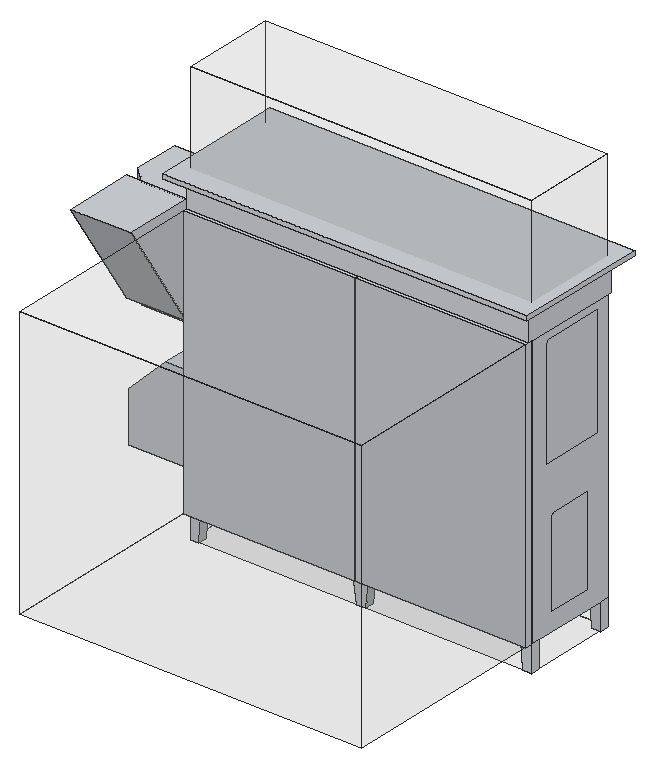
Revit family "AHU 3 _6", category Mechanické zařízení, Revit 2018
Family settings
  Kóta kulaté spojky = Použít průměr
  Typ dílu = Normální
  Číslo OmniClass = 23.75.00.00
  Nadpis OmniClass = Climate Control (HVAC)
  Založené na pracovní rovině = Ne
  Vždy vertikální = Ano
  Ořezat dutým tvarem při načtení = Ne
  Sdílené = Ne
  Bod výpočtu místnosti = Ne
Parameters (values of type "DUPLEXVENT Flexi (3G) DV2300 (RD5)")
  Width [instance] = 0.585 mm
  Weight [instance] = 342.00 kg
  URL = ""
  Type [instance] = "DUPLEXVENT Flexi (3G) DV2300 (RD5)"
  Total_SFP [instance] = 0
  Supply_outlet_hum [instance] = 24.9
  Supply_inlet_hum [instance] = 90
  Supply_ext_pressure [instance] = 200.0 Pa
  Supply_SFP [instance] = 0
  Source_adu_file [instance] = "C:\\\\Users\\\\dgavril\\\\OneDrive - Airflow Developments Ltd\\\\Desktop\\\\adu durley chine V4.adu"
  Recuperation_type [instance] = "Plate heat recovery exchanger"
  Recuperation_efficiency_EN308 [instance] = 82.9
  Project_name [instance] = "Durley Chine Passivhaus"
  Project_date [instance] = "13-08-2021"
  Power_supply_fusing [instance] = "0"
  Power_supply_cable [instance] = "0"
  Position [instance] = "AHU 3 "
  Phases_count [instance] = 1
  Panel_thickness [instance] = 0.06 mm
  Outer_surface [instance] = "RAL 9002"
  Length [instance] = 1.95 mm
  Insulation_type [instance] = "PUR"
  Insulation_thickness [instance] = 0.05 mm
  Installation_environment [instance] = ""
  Input_power_max [instance] = 1660 W
  Inner_surface [instance] = "Pozink"
  I2 [instance] = I1  # 0.0 L/s
  Height [instance] = 1.55 mm
  Exhaust_outlet_hum [instance] = 96.1
  Exhaust_inlet_hum [instance] = 40
  Exhaust_ext_pressure [instance] = 200.0 Pa
  Exhaust_SFP [instance] = 0
  E1 [instance] = E2 - M1  # 0.0 L/s
  E2 [instance] = 0.0 L/s
  I1 [instance] = 0.0 L/s
  Description = ""
  M1 [instance] = 0.0 L/s
  Device_dutypoint_version [instance] = "22"
  Device_design_version [instance] = "70"
  Device_adu_id [instance] = "6"
  Current_max [instance] = 8 A
  Casing_mat [instance] = "painted zinc layer"
  Cable type [instance] = "CYKY 3Jx2,5"
Reference planes
  plane 1 "Střed (vpředu/vzadu)": y = 0
  plane 2 "ref": z = 0
  plane 3 "Střed (vlevo/vpravo)": x = 0
Forms (mm)
  Sweep 1, solid
    path origin (0, 0, 0) x (0, 0, 1) y (1, 0, 0)
      loop
        line (0, 0) -> (1550, 0)
    profile origin (0, 0, 0) x (1, 0, 0) y (0, 1, 0)
      loop
        line (0, 0) -> (1950, 0) -> (1950, 540) -> (0, 540) -> (0, 0)
  Sweep 2, solid
    path origin (0, 0, 0) x (0, 0, 1) y (1, 0, 0)
      loop
        line (0, 0) -> (1550, 0)
    profile origin (0, 0, 0) x (1, 0, 0) y (0, 1, 0)
      loop
        line (0, 0) -> (0, -45) -> (1950, -45) -> (1950, 0) -> (0, 0)
  Sweep 3, solid
    path origin (-233, 395, 355) x (1, 0, 0) y (0, 1, 0)
      loop
        line (0, 0) -> (0, -250)
    profile origin (-233, 395, 355) x (1, 0, 0) y (0, 0, 1)
      loop
        line (233, 250) -> (-23, 250) -> (-233, 41) -> (-233, -250) -> (233, -250) -> (233, 250)
  Sweep 4, solid
    path origin (0, 0, 105) x (0, 0, 1) y (1, 0, 0)
      loop
        line (0, 0) -> (500, 0)
    profile origin (0, 0, 105) x (1, 0, 0) y (0, 1, 0)
      loop
        line (-1, 145) -> (0, 145) -> (0, 395) -> (-1, 395) -> (-1, 145)
  Sweep 5, solid
    path origin (1949, 287, 1190) x (1, 0, 0) y (0, 1, 0)
      loop
        line (0, 0) -> (1, 0)
    profile origin (1949, 287, 1190) x (0, 1, 0) y (0, 0, 1)
      loop
        line (-177, 315) -> (-177, -315) -> (177, -315) -> (177, 315) -> (-177, 315)
  Sweep 6, solid
    path origin (1949, 270, 355) x (1, 0, 0) y (0, 1, 0)
      loop
        line (0, 0) -> (1, 0)
    profile origin (1949, 270, 355) x (0, 1, 0) y (0, 0, 1)
      loop
        line (-125, 250) -> (-125, -250) -> (125, -250) -> (125, 250) -> (-125, 250)
  Sweep 7, solid
    path origin (-228, 287, 875) x (0, 0, 1) y (1, 0, 0)
      loop
        line (0, 0) -> (630, 0)
    profile origin (-228, 287, 875) x (1, 0, 0) y (0, 1, 0)
      loop
        line (228, 177) -> (114, 177) -> (114, 172) -> (-228, 172) -> (-228, -89) -> (-139, -177) -> (228, -177) -> (228, 177)
  Sweep 8, solid
    path origin (-114, 287, 1190) x (0, 1, 0) y (-1, 0, 0)
      loop
        line (0, 0) -> (0, 341)
    profile origin (-114, 287, 1190) x (0, -1, 0) y (0, 0, 1)
      loop
        line (172, -315) -> (573, 315) -> (172, 315) -> (172, -315)
  Sweep 9, solid
    path origin (0, 0, 875) x (0, 0, 1) y (1, 0, 0)
      loop
        line (0, 0) -> (630, 0)
    profile origin (0, 0, 875) x (1, 0, 0) y (0, 1, 0)
      loop
        line (-1, 110) -> (0, 110) -> (0, 465) -> (-1, 465) -> (-1, 110)
  Sweep 10, solid
    path origin (0, 0, 1725) x (0, 0, 1) y (1, 0, 0)
      loop
        line (0, 0) -> (25, 0)
    profile origin (0, 0, 1725) x (1, 0, 0) y (0, 1, 0)
      loop
        line (-65, -113) -> (2015, -113) -> (2015, 652) -> (-65, 652) -> (-65, -113)
  Sweep 11, solid
    path origin (0, 0, 1550) x (0, 0, 1) y (1, 0, 0)
      loop
        line (0, 0) -> (175, 0)
    profile origin (0, 0, 1550) x (1, 0, 0) y (0, 1, 0)
      loop
        line (0, -22) -> (1950, -22) -> (1950, 563) -> (0, 563) -> (0, -22)
  Sweep 12, solid
    path origin (750, 120, 0) x (0, -1, 0) y (0, 0, 1)
      loop
        line (0, 0) -> (0, -30)
    profile origin (750, 120, 0) x (-1, 0, 0) y (0, -1, 0)
      loop
        circle (0, 0) r 16
  Sweep 13, solid, material "Servisní prostor"
    path origin (0, 0, 0) x (0, 0, 1) y (1, 0, 0)
      loop
        line (0, 0) -> (1550, 0)
    profile origin (0, 0, 0) x (1, 0, 0) y (0, 1, 0)
      loop
        line (0, -1215) -> (1950, -1215) -> (1950, -45) -> (0, -45) -> (0, -1215)
  Sweep 14, solid, material "Servisní prostor"
    path origin (0, 0, 1550) x (0, 0, 1) y (1, 0, 0)
      loop
        line (0, 0) -> (720, 0)
    profile origin (0, 0, 1550) x (1, 0, 0) y (0, 1, 0)
      loop
        line (0, 0) -> (1950, 0) -> (1950, 540) -> (0, 540) -> (0, 0)
  Sweep 15, solid, material "Servisní prostor"
    path origin (0, 0, -150) x (0, 0, 1) y (1, 0, 0)
      loop
        line (0, 0) -> (150, 0)
    profile origin (0, 0, -150) x (1, 0, 0) y (0, 1, 0)
      loop
        line (0, 540) -> (0, 0) -> (1950, 0) -> (1950, 540) -> (0, 540)
  Sweep 16, solid
    path origin (0, 0, 0) x (0, 0, 1) y (1, 0, 0)
      loop
        line (0, 0) -> (1550, 0)
    profile origin (0, 0, 0) x (1, 0, 0) y (0, 1, 0)
      loop
        line (0, -45) -> (975, -45) -> (975, -5) -> (0, -5) -> (0, -45)
  Sweep 17, solid
    path origin (0, 0, 0) x (0, 0, 1) y (1, 0, 0)
      loop
        line (0, 0) -> (1550, 0)
    profile origin (0, 0, 0) x (1, 0, 0) y (0, 1, 0)
      loop
        line (975, -45) -> (1950, -45) -> (1950, -5) -> (975, -5) -> (975, -45)
  Sweep 18, solid
    path origin (25, 50, 0) x (1, 0, 0) y (0, 1, 0)
      loop
        line (0, 0) -> (0, -50)
    profile origin (25, 50, 0) x (1, 0, 0) y (0, 0, 1)
      loop
        line (-25, 0) -> (-25, -150) -> (25, -150) -> (35, 0) -> (-25, 0)
  Sweep 19, solid
    path origin (1925, 50, 0) x (1, 0, 0) y (0, 1, 0)
      loop
        line (0, 0) -> (0, -50)
    profile origin (1925, 50, 0) x (1, 0, 0) y (0, 0, 1)
      loop
        line (-35, 0) -> (-25, -150) -> (25, -150) -> (25, 0) -> (-35, 0)
  Sweep 20, solid
    path origin (25, 540, 0) x (1, 0, 0) y (0, 1, 0)
      loop
        line (0, 0) -> (0, -50)
    profile origin (25, 540, 0) x (1, 0, 0) y (0, 0, 1)
      loop
        line (-25, 0) -> (-25, -150) -> (25, -150) -> (35, 0) -> (-25, 0)
  Sweep 21, solid
    path origin (1925, 540, 0) x (1, 0, 0) y (0, 1, 0)
      loop
        line (0, 0) -> (0, -50)
    profile origin (1925, 540, 0) x (1, 0, 0) y (0, 0, 1)
      loop
        line (-35, 0) -> (-25, -150) -> (25, -150) -> (25, 0) -> (-35, 0)
  Sweep 22, solid
    path origin (975, 50, 0) x (1, 0, 0) y (0, 1, 0)
      loop
        line (0, 0) -> (0, -50)
    profile origin (975, 50, 0) x (1, 0, 0) y (0, 0, 1)
      loop
        line (-45, 0) -> (-25, -150) -> (25, -150) -> (45, 0) -> (-45, 0)
  Sweep 23, solid
    path origin (975, 540, 0) x (1, 0, 0) y (0, 1, 0)
      loop
        line (0, 0) -> (0, -50)
    profile origin (975, 540, 0) x (1, 0, 0) y (0, 0, 1)
      loop
        line (-45, 0) -> (-25, -150) -> (25, -150) -> (45, 0) -> (-45, 0)
  Sweep 24, solid
    path origin (0, 0, 1550) x (0, 0, 1) y (1, 0, 0)
      loop
        line (0, 0) -> (125, 0)
    profile origin (0, 0, 1550) x (1, 0, 0) y (0, 1, 0)
      loop
        line (650, 45) -> (1305, 45) -> (1305, 235) -> (650, 235) -> (650, 45)
  Sweep 25, solid
    path origin (650, 140, 1613) x (0, 0, -1) y (1, 0, 0)
      loop
        line (0, 0) -> (0, -1)
    profile origin (650, 140, 1613) x (0, 0, -1) y (0, -1, 0)
      loop
        circle (0, 0) r 10
Lines and regions (mm)
  model lines, style "Symbol"
    curve 1: line (1000, -45, 0) -> (1000, -45, 310)
    curve 2: line (1000, -45, 1550) -> (1000, -45, 1240)
    curve 3: line (0, -45, 775) -> (535, -45, 775)
    curve 4: line (1950, -45, 775) -> (1465, -45, 775)
    curve 5: line (535, -45, 775) -> (767, -45, 1240)
    curve 6: line (767, -45, 1240) -> (1232, -45, 1240)
    curve 7: line (1232, -45, 1240) -> (1465, -45, 775)
    curve 8: line (1465, -45, 775) -> (1232, -45, 310)
    curve 9: line (1232, -45, 310) -> (1000, -45, 310)
    curve 10: line (1000, -45, 310) -> (767, -45, 310)
    curve 11: line (767, -45, 310) -> (535, -45, 775)
    curve 12: line (1609, -45, 1273) -> (1857, -45, 1231)
    curve 13: line (1609, -45, 1052) -> (1857, -45, 1094)
    curve 14: line (341, -45, 1052) -> (93, -45, 1094)
    curve 15: line (341, -45, 1273) -> (93, -45, 1231)
    curve 16: line (175, -45, 155) -> (175, -45, 620)
    curve 17: line (175, -45, 620) -> (292, -45, 620)
    curve 18: line (292, -45, 620) -> (292, -45, 155)
    curve 19: line (292, -45, 155) -> (175, -45, 155)
    curve 20: line (234, -45, 155) -> (292, -45, 388)
    curve 21: line (234, -45, 620) -> (292, -45, 388)
    curve 22: line (1774, -45, 620) -> (1774, -45, 155)
    curve 23: line (1774, -45, 155) -> (1657, -45, 155)
    curve 24: line (1657, -45, 155) -> (1657, -45, 620)
    curve 25: line (1657, -45, 620) -> (1774, -45, 620)
    curve 26: line (1716, -45, 620) -> (1657, -45, 388)
    curve 27: line (1716, -45, 155) -> (1657, -45, 388)
    curve 28: line (684, -45, 271) -> (472, -45, 686)
    curve 29: line (472, -45, 686) -> (541, -45, 721)
    curve 30: line (541, -45, 721) -> (753, -45, 306)
    curve 31: line (753, -45, 306) -> (684, -45, 271)
    curve 32: line (557, -45, 537) -> (584, -45, 621)
    curve 33: line (641, -45, 371) -> (668, -45, 455)
    curve 34: line (0, -45, 0) -> (975, -45, 0)
    curve 35: line (0, -45, 1550) -> (975, -45, 1550)
    curve 36: line (0, -45, 0) -> (0, -45, 1550)
    curve 37: line (975, -45, 0) -> (975, -45, 1550)
    curve 38: line (0, -45, 0) -> (0, -5, 0)
    curve 39: line (975, -45, 0) -> (975, -5, 0)
    curve 40: line (0, -45, 1550) -> (0, -5, 1550)
    curve 41: line (975, -45, 1550) -> (975, -5, 1550)
    curve 42: line (975, -45, 0) -> (1950, -45, 0)
    curve 43: line (975, -45, 1550) -> (1950, -45, 1550)
    curve 44: line (975, -45, 0) -> (975, -45, 1550)
    curve 45: line (1950, -45, 0) -> (1950, -45, 1550)
    curve 46: line (975, -45, 0) -> (975, -5, 0)
    curve 47: line (1950, -45, 0) -> (1950, -5, 0)
    curve 48: line (975, -45, 1550) -> (975, -5, 1550)
    curve 49: line (1950, -45, 1550) -> (1950, -5, 1550)
    curve 50: circle (1718, -45, 1163) r 155 normal (0, -1, 0)
    curve 51: circle (233, -45, 1163) r 155 normal (0, -1, 0)
    curve 52: circle (570, -45, 579) r 12 normal (0, -1, 0)
    curve 53: circle (655, -45, 413) r 12 normal (0, -1, 0)
Dimensions and locks
  aligned and locked: level to plane 2 "ref"
Connectors
  hvac at (-0.5, 270, 605), driven by "E1"
    settings: on Sweep 4, index 1, duct flow 0.0 L/s, flow factor 0, pres drop 0.0 Pa, loss coef 0, conn angle 0.00°, conn width 10 mm, conn height 10 mm, conn diameter 609.6 mm, duct sys type 1, conn prof type 1, flow config 1, flow direction 1, loss method 0, conn ref index -1, conn util no, is conn primary yes, conn desc ""
  hvac at (1950, 287, 1190), driven by "E2"
    settings: on Sweep 5, index 2, duct flow 0.0 L/s, flow factor 1, pres drop 0.0 Pa, loss coef 0, conn angle 0.00°, conn width 355 mm, conn height 630 mm, conn diameter 609.6 mm, duct sys type 1, conn prof type 1, flow config 2, flow direction 2, loss method 0, conn ref index -1, conn util no, is conn primary no, conn desc ""
  hvac at (1950, 270, 355), driven by "I1"
    settings: on Sweep 6, index 3, duct flow 0.0 L/s, flow factor 1, pres drop 0.0 Pa, loss coef 0, conn angle 0.00°, conn width 250 mm, conn height 500 mm, conn diameter 609.6 mm, duct sys type 3, conn prof type 1, flow config 2, flow direction 1, loss method 0, conn ref index -1, conn util no, is conn primary no, conn desc ""
  hvac at (-0.5, 287.5, 1505), driven by "I2"
    settings: on Sweep 9, index 4, duct flow 0.0 L/s, flow factor 0, pres drop 0.0 Pa, loss coef 0, conn angle 0.00°, conn width 10 mm, conn height 10 mm, conn diameter 609.6 mm, duct sys type 3, conn prof type 1, flow config 1, flow direction 2, loss method 0, conn ref index -1, conn util no, is conn primary no, conn desc ""
  piping at (750, 120, -30), diameter 22
    settings: on Sweep 12, index 5, connector inside diameter 609.6 mm, connector length 0 mm, flow factor 0, pipe flow 0.0 L/s, pressure drop 0.0 Pa, fitting loss kfactor 0, connector angle 0.00°, fixture units 0, engagement length 0 mm, angle of deflection 0.00°, flow configuration 1, flow direction 2, fitting loss method 0, system type 16, joint type 0, gender type 0, connector reference index -1, connector utility 0, adjustable connector no, is connector primary yes, connector description ""
  electrical at (649, 140, 1613)
    settings: on Sweep 25, index 6, voltage 230 V, apparent load 0 VA, apparent load phase1 0 VA, apparent load phase2 0 VA, apparent load phase3 0 VA, power factor 1, load classification "Další", number of poles 1, system type 31, power factor state 1, is connector primary yes, connector utility no, sub classification motor no, connector description ""
